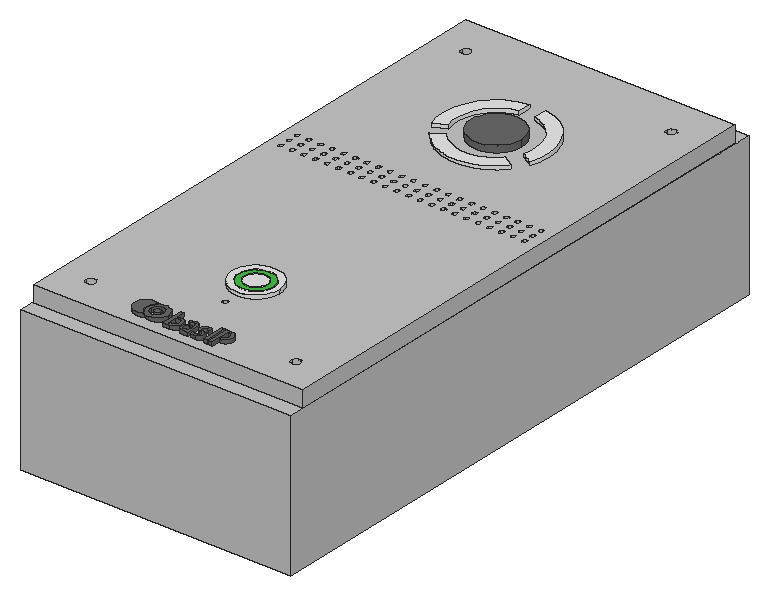
Revit family "AV-04FD", category Устройства связи, Revit 2022
Family settings
  Размер круглого соединителя = Использовать диаметр
  Тип детали = Нормальный
  На основе рабочей плоскости = Да
  Всегда вертикально = Нет
  При загрузке вырезать с полостями = Нет
  Сохранять ориентацию аннотаций = Нет
  Общий = Да
  Точка принадлежности помещению = Нет
Parameters (values of type "AV-04FD")
  Цветовое решение = "Серебро"
  Угол обзора = "По горизонтали 110°, по вертикали 60°"
  Тип установки = "Врезной"
  Тип панели = "Индивидуальная"
  Температурный режим = "-40 ... +65 °С"
  Режим разговора = "Двухсторонний"
  Разрешение камеры = "1.0 Мп"
  Размер панели с накладным кронштейном = "95х190х27 мм"
  Размер под установку = "85х180х45 мм"
  Потребление питания = "6,5 Вт, в режиме ожидания – 3,6 Вт"
  Поддерживаемые аудиокодеки = "G.711u"
  Питание = "+ 12 Вольт, PoE"
  Default Elevation = 0 mm
  Открытие замка = "С монитора, через приложение BAS-IP Intercom"
  Описание = "BAS-IP AV-04FD - данная индивидуальная вызывная панель сильно отличается в лучшую сторону по дизайну и характеристикам от обычных панелей, установленных в домах и квартирах. Благодаря степени защиты IP65, панель можно без проблем устанавливать на улице, не боясь сильного дождя и прочих “радостей” природы."
  Ночная подсветка = "6 светодиодов"
  Минимальная освещенность = "0,01 LuX"
  Материал корпуса = Материал серый
  Корпус = "Металл"
  Кнопки быстрого вызова = "1 механическая кнопка вызова"
  Класс степени защиты = "IP65"
  Камера = "1/4”"
  Интерфейс = "Мультиязычный WEB–интерфейс"
  Интеграция со СКУД = "Не имеет выход Wiegand"
  Изображение типоразмера = <Нет>
  Изготовитель = "BAS-IP"
  Дополнительно = "Подключение кнопки выхода, замка, SIP P2P,  открытое API"
  Дисплей = "Нет"
  Группа модели = "Вызывная панель"
  Выходное видео = "720p (1280x720), H.264 Main Profile"
  Аутентификация = "Отдельный пароль на настройки, WEB–интерфейс, RTSP поток"
  URL = "https://www.bas-ip.ru"
  Email разработчика семейства = "lytvynchukartur@gmail.com"
  BIM library = "https://bimlib.ru/manufacturer/"
  ADSK_Размер_Ширина = 95 mm
  ADSK_Размер_Толщина = 27 mm
  ADSK_Размер_Длина = 190 mm
  ADSK_Примечание = ""
  ADSK_Полная мощность = 6.5 VA  # constant formula
  ADSK_Позиция = ""
  ADSK_Обозначение = ""
  ADSK_Номинальная мощность = 6.5 W
  ADSK_Напряжение = 12 V
  ADSK_Наименование краткое = "AV-04FD"
  ADSK_Наименование = "ВЫЗЫВНАЯ ПАНЕЛЬ AV-04FD"
  ADSK_Масса_Текст = ""
  ADSK_Марка = "AV-04FD"
  ADSK_Коэффициент мощности = 0.9
  ADSK_Количество фаз = 1
  ADSK_Код изделия = ""
  ADSK_Классификация нагрузок = Вызывная панель
  ADSK_Зона = ""
  ADSK_Завод-изготовитель = "BAS-IP"
  ADSK_Единица измерения = "шт"
  ADSK_Версия Revit = "Revit 2020"  # constant formula
  ADSK_URL страницы изделия = "https://www.bas-ip.ru/av-04/"
  ADSK_URL документации изделия = "http://cdn.bas-ip.com/firmware/manual/individual-panels/av-04fd/"
Reference planes
  plane 1 "По центру (Вперед/Назад)": y = 0
  plane 2: z = 0
  plane 3 "По центру (Влево/Вправо)": x = 0
Forms (mm)
  Extrusion 1, solid, material "Материал черный", detail levels medium+fine
    sketch origin (-347.374, 105.5, 55) x (1, 0, 0) y (0, 1, 0)
      loop
        line (355.91, -186.947) -> (356.876, -186.947) -> (356.876, -179.913) -> (355.91, -179.913) -> (355.91, -186.947)
      loop
        line (357.377, -186.947) -> (358.377, -186.947) -> (358.377, -184.451)
        arc (358.377, -184.451) -> (361.041, -182.66) -> (359.379, -179.913) r 2.326
        line (359.379, -179.913) -> (357.377, -179.913) -> (357.377, -186.947)
      loop
        arc (358.377, -183.451) -> (360.221, -182.217) -> (358.377, -180.983) r 1.335
        line (358.377, -180.983) -> (358.377, -183.451)
      loop
        line (342.946, -179.913) -> (342.946, -186.947) -> (344.968, -186.947)
        spline (344.968, -186.947) -> (345.634, -186.72) -> (346.221, -186.353) -> (346.689, -185.871) -> (347.005, -185.307) -> (347.148, -184.699) -> (347.109, -184.089) -> (346.89, -183.519) -> (346.506, -183.026) -> (345.984, -182.646) -> (345.358, -182.403) -> (344.672, -182.314) -> (343.972, -182.385)
        line (343.972, -182.385) -> (343.972, -179.913) -> (342.946, -179.913)
      loop
        line (343.972, -183.426) -> (343.972, -185.927) -> (345.157, -185.927)
        spline (345.157, -185.927) -> (345.542, -185.692) -> (345.86, -185.388) -> (346.09, -185.036) -> (346.217, -184.659) -> (346.23, -184.283) -> (346.13, -183.934) -> (345.923, -183.636) -> (345.624, -183.408) -> (345.252, -183.267) -> (344.834, -183.222) -> (344.397, -183.276) -> (343.972, -183.426)
      loop
        line (354.371, -183.077) -> (354.371, -182.08)
        arc (354.371, -182.08) -> (353.527, -181.636) -> (352.582, -181.765) r 1.562
        arc (352.582, -181.765) -> (351.902, -182.393) -> (351.698, -183.296) r 1.562
        arc (351.698, -183.296) -> (352.118, -184.311) -> (353.134, -184.732) r 1.436
        arc (353.134, -184.732) -> (353.678, -184.957) -> (353.903, -185.501) r 0.769
        arc (353.903, -185.501) -> (353.519, -186.167) -> (352.749, -186.167) r 0.769
        line (352.749, -186.167) -> (351.665, -185.976) -> (351.665, -186.777) -> (353.173, -187.043)
        arc (353.173, -187.043) -> (354.539, -185.977) -> (354.178, -184.282) r 1.634
        line (354.178, -184.282) -> (353.112, -183.956)
        arc (353.112, -183.956) -> (352.563, -183.005) -> (353.595, -182.629) r 0.717
        line (353.595, -182.629) -> (354.371, -183.077)
      loop
        line (350.666, -186.947) -> (350.666, -182.599)
        arc (350.666, -182.599) -> (349.304, -181.597) -> (347.682, -182.073) r 1.905
        arc (347.682, -182.073) -> (347.604, -182.585) -> (348.086, -182.774) r 0.415
        arc (348.086, -182.774) -> (349.009, -182.264) -> (349.931, -182.774) r 1.09
        line (349.931, -182.774) -> (349.931, -183.578) -> (348.501, -183.578)
        arc (348.501, -183.578) -> (347.388, -185.155) -> (348.105, -186.947) r 2.022
        line (348.105, -186.947) -> (350.666, -186.947)
      loop
        line (349.931, -185.927) -> (349.931, -184.364) -> (348.861, -184.364)
        arc (348.861, -184.364) -> (348.08, -185.146) -> (348.861, -185.927) r 0.781
        line (348.861, -185.927) -> (349.931, -185.927)
      loop
        spline (337.212, -183.2) -> (337.246, -183.454) -> (337.345, -183.691) -> (337.502, -183.894) -> (337.707, -184.05) -> (337.946, -184.149) -> (338.203, -184.182) -> (338.459, -184.149) -> (338.698, -184.05) -> (338.903, -183.894) -> (339.061, -183.691) -> (339.159, -183.454) -> (339.193, -183.2)
        spline (339.193, -183.2) -> (339.159, -182.946) -> (339.061, -182.709) -> (338.903, -182.505) -> (338.698, -182.349) -> (338.459, -182.251) -> (338.203, -182.218) -> (337.946, -182.251) -> (337.707, -182.349) -> (337.502, -182.505) -> (337.345, -182.709) -> (337.246, -182.946) -> (337.212, -183.2)
      loop
        spline (336.121, -183.2) -> (336.192, -183.734) -> (336.4, -184.232) -> (336.731, -184.659) -> (337.162, -184.987) -> (337.664, -185.193) -> (338.203, -185.264) -> (338.741, -185.193) -> (339.243, -184.987) -> (339.674, -184.659) -> (340.005, -184.232) -> (340.213, -183.734) -> (340.284, -183.2)
        spline (340.284, -183.2) -> (340.213, -182.666) -> (340.005, -182.168) -> (339.674, -181.741) -> (339.243, -181.413) -> (338.741, -181.206) -> (338.203, -181.136) -> (337.664, -181.206) -> (337.162, -181.413) -> (336.731, -181.741) -> (336.4, -182.168) -> (336.192, -182.666) -> (336.121, -183.2)
      loop
        spline (334.697, -183.2) -> (334.817, -184.089) -> (335.167, -184.917) -> (335.724, -185.628) -> (336.45, -186.173) -> (337.295, -186.516) -> (338.203, -186.633) -> (339.11, -186.516) -> (339.955, -186.173) -> (340.681, -185.628) -> (341.238, -184.917) -> (341.589, -184.089) -> (341.708, -183.2)
        spline (341.708, -183.2) -> (341.589, -182.311) -> (341.238, -181.483) -> (340.681, -180.772) -> (339.955, -180.226) -> (339.11, -179.883) -> (338.203, -179.766) -> (337.295, -179.883) -> (336.45, -180.226) -> (335.724, -180.772) -> (335.167, -181.483) -> (334.817, -182.311) -> (334.697, -183.2)
    from -52 to -49
  Extrusion 2, solid, material "Материал черный", detail levels medium+fine
    sketch origin (-377.374, 105.5, 55) x (1, 0, 0) y (0, 1, 0)
      loop
        spline (366.353, -186.117) -> (365.878, -185.77) -> (365.47, -185.35) -> (365.139, -184.869) -> (364.896, -184.34) -> (364.747, -183.778) -> (364.697, -183.2) -> (364.747, -182.622) -> (364.896, -182.06) -> (365.139, -181.531) -> (365.47, -181.05) -> (365.878, -180.63) -> (366.353, -180.283)
        spline (366.353, -180.283) -> (365.205, -179.836) -> (363.969, -179.807) -> (362.8, -180.199) -> (361.843, -180.965) -> (361.216, -182.008) -> (360.998, -183.2) -> (361.216, -184.391) -> (361.843, -185.435) -> (362.8, -186.201) -> (363.969, -186.593) -> (365.205, -186.564) -> (366.353, -186.117)
    from -52 to -49
  Extrusion 3, solid, material "Материал серый" <- "Материал корпуса", detail levels medium+fine
    sketch origin (294.897, 48.335, -2.742) x (1, 0, 0) y (0, 1, 0)
      loop
        line (-337.397, 41.665) -> (-337.397, -138.335) -> (-252.397, -138.335) -> (-252.397, 41.665) -> (-337.397, 41.665)
    from -42.258 to 2.742
  Extrusion 4, solid, material "Материал серый" <- "Материал корпуса", detail levels medium+fine
    sketch origin (156.434, -97.938, 54) x (1, 0, 0) y (0, 1, 0)
      loop
        line (-198.684, 182.938) -> (-198.684, 12.938) -> (-114.184, 12.938) -> (-114.184, 182.938) -> (-198.684, 182.938)
      loop
        circle (-161.934, 111.726) r 0.7
      loop
        circle (-165.584, 111.726) r 0.7
      loop
        circle (-169.234, 111.726) r 0.7
      loop
        circle (-172.884, 111.726) r 0.7
      loop
        circle (-176.534, 111.726) r 0.7
      loop
        circle (-180.184, 111.726) r 0.7
      loop
        circle (-183.834, 111.726) r 0.7
      loop
        circle (-187.484, 111.726) r 0.7
      loop
        circle (-191.134, 111.726) r 0.7
      loop
        circle (-194.784, 111.726) r 0.7
      loop
        circle (-158.284, 111.726) r 0.7
      loop
        circle (-161.934, 108.476) r 0.7
      loop
        circle (-165.584, 108.476) r 0.7
      loop
        circle (-169.234, 108.476) r 0.7
      loop
        circle (-172.884, 108.476) r 0.7
      loop
        circle (-176.534, 108.476) r 0.7
      loop
        circle (-180.184, 108.476) r 0.7
      loop
        circle (-183.834, 108.476) r 0.7
      loop
        circle (-187.484, 108.476) r 0.7
      loop
        circle (-191.134, 108.476) r 0.7
      loop
        circle (-194.784, 108.476) r 0.7
      loop
        circle (-158.284, 108.476) r 0.7
      loop
        circle (-161.934, 105.226) r 0.7
      loop
        circle (-165.584, 105.226) r 0.7
      loop
        circle (-169.234, 105.226) r 0.7
      loop
        circle (-172.884, 105.226) r 0.7
      loop
        circle (-176.534, 105.226) r 0.7
      loop
        circle (-180.184, 105.226) r 0.7
      loop
        circle (-183.834, 105.226) r 0.7
      loop
        circle (-187.484, 105.226) r 0.7
      loop
        circle (-191.134, 105.226) r 0.7
      loop
        circle (-194.784, 105.226) r 0.7
      loop
        circle (-158.284, 105.226) r 0.7
      loop
        circle (-150.934, 111.726) r 0.7
      loop
        circle (-147.284, 111.726) r 0.7
      loop
        circle (-143.634, 111.726) r 0.7
      loop
        circle (-139.984, 111.726) r 0.7
      loop
        circle (-136.334, 111.726) r 0.7
      loop
        circle (-132.684, 111.726) r 0.7
      loop
        circle (-129.034, 111.726) r 0.7
      loop
        circle (-125.384, 111.726) r 0.7
      loop
        circle (-121.734, 111.726) r 0.7
      loop
        circle (-118.084, 111.726) r 0.7
      loop
        circle (-154.584, 111.726) r 0.7
      loop
        circle (-150.934, 108.476) r 0.7
      loop
        circle (-147.284, 108.476) r 0.7
      loop
        circle (-143.634, 108.476) r 0.7
      loop
        circle (-139.984, 108.476) r 0.7
      loop
        circle (-136.334, 108.476) r 0.7
      loop
        circle (-132.684, 108.476) r 0.7
      loop
        circle (-129.034, 108.476) r 0.7
      loop
        circle (-125.384, 108.476) r 0.7
      loop
        circle (-121.734, 108.476) r 0.7
      loop
        circle (-118.084, 108.476) r 0.7
      loop
        circle (-154.584, 108.476) r 0.7
      loop
        circle (-150.934, 105.226) r 0.7
      loop
        circle (-147.284, 105.226) r 0.7
      loop
        circle (-143.634, 105.226) r 0.7
      loop
        circle (-139.984, 105.226) r 0.7
      loop
        circle (-136.334, 105.226) r 0.7
      loop
        circle (-132.684, 105.226) r 0.7
      loop
        circle (-129.034, 105.226) r 0.7
      loop
        circle (-125.384, 105.226) r 0.7
      loop
        circle (-121.734, 105.226) r 0.7
      loop
        circle (-118.084, 105.226) r 0.7
      loop
        circle (-154.584, 105.226) r 0.7
      loop
        circle (-188.684, 170.438) r 1.5
      loop
        circle (-124.184, 170.438) r 1.5
      loop
        circle (-188.684, 22.938) r 1.5
      loop
        circle (-124.184, 22.938) r 1.5
      loop
        circle (-156.434, 35.438) r 0.8
    from -54 to -49
  Extrusion 5, solid, material "Материал белый", detail levels medium+fine
    sketch origin (-195, -107.397, 55) x (1, 0, 0) y (0, 1, 0)
      loop
        line (185.737, 143.191) -> (182.11, 141.097)
        arc (182.11, 141.097) -> (195, 134.897) -> (207.89, 141.097) r 16.5
        line (207.89, 141.097) -> (204.263, 143.191)
        arc (204.263, 143.191) -> (195, 139.022) -> (185.737, 143.191) r 12.375
      loop
        line (192.525, 163.522) -> (192.525, 167.711)
        arc (192.525, 167.711) -> (180.711, 159.647) -> (179.635, 145.384) r 16.5
        line (179.635, 145.384) -> (183.262, 147.478)
        arc (183.262, 147.478) -> (184.283, 157.585) -> (192.525, 163.522) r 12.375
      loop
        arc (197.475, 163.522) -> (205.717, 157.585) -> (206.738, 147.478) r 12.375
        line (206.738, 147.478) -> (210.365, 145.384)
        arc (210.365, 145.384) -> (209.289, 159.647) -> (197.475, 167.711) r 16.5
        line (197.475, 167.711) -> (197.475, 163.522)
    from -52 to -49
  Extrusion 6, solid, material "Материал черный", detail levels medium+fine
    sketch origin (-195, -107.397, 55) x (1, 0, 0) y (0, 1, 0)
      loop
        circle (195, 151.397) r 8
    from -52 to -48
  Extrusion 7, solid, material "Материал белый", detail levels medium+fine
    sketch origin (-194.354, -213.893, 55) x (1, 0, 0) y (0, 1, 0)
      loop
        circle (194.354, 163.393) r 3.5
    from -52 to -49
  Extrusion 8, solid, material "Материал белый", detail levels medium+fine
    sketch origin (-194.354, -218.893, 55) x (1, 0, 0) y (0, 1, 0)
      loop
        circle (194.354, 168.393) r 7.5
      loop
        circle (194.354, 168.393) r 5.5
    from -52 to -49
  Extrusion 9, solid, material "Материал зеленый", detail levels medium+fine
    sketch origin (-194.354, -218.893, 55) x (1, 0, 0) y (0, 1, 0)
      loop
        circle (194.354, 168.393) r 3.5
      loop
        circle (194.354, 168.393) r 5.5
    from -52 to -49
Lines and regions (mm)
  symbolic lines
    curve 1: line (-42.25, -85, 0) -> (42.25, -85, 0)
Dimensions and locks
  aligned and locked: level to plane 2
Connectors
  electrical at (0, 0, -45)
    settings: on Extrusion 3, index 5, voltage 0 V, apparent load 0 VA, apparent load phase1 0 VA, apparent load phase2 0 VA, apparent load phase3 0 VA, power factor 1, load classification "Прочее", number of poles 1, system type 13, power factor state 1, is connector primary yes, connector utility no, sub classification motor no, connector description "Должны быть подведены провода для подключения замка и дополнительных модулей"
  electrical at (7.231, 0.308, -45)
    settings: on Extrusion 3, index 10, voltage 12 V, apparent load 3 VA, apparent load phase1 0 VA, apparent load phase2 0 VA, apparent load phase3 0 VA, power factor 0.9, load classification "Вызывная панель", number of poles 1, system type 30, power factor state 1, is connector primary no, connector utility no, sub classification motor no, connector description "Блок питания на +12 Вольт, 2 Ампера"
  electrical at (-7.769, 0.308, -45)
    settings: on Extrusion 3, index 13, voltage 0 V, apparent load 0 VA, apparent load phase1 0 VA, apparent load phase2 0 VA, apparent load phase3 0 VA, power factor 1, load classification "Прочее", number of poles 1, system type 5, power factor state 1, is connector primary no, connector utility no, sub classification motor no, connector description "Кабель Ethernet UTP cat5 или выше"
